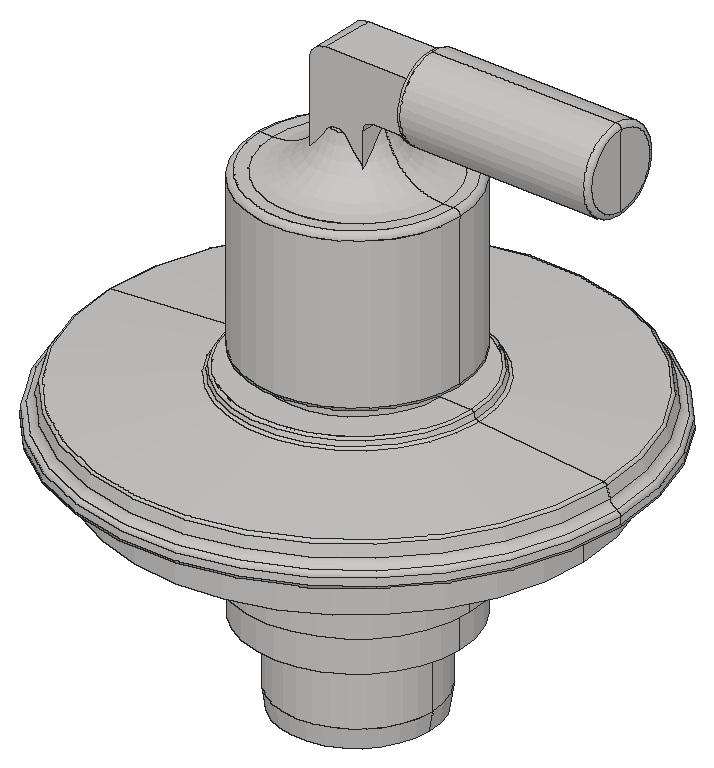
Revit family "fgt11848_bim", category Plumbing Fixtures, host Face, Revit 2014
Parameters (values of type "Standard")
  Width = 4 65/128"  # constant formula
  Vent Connection = no
  URL = ""
  Manufacturer = ""
  Faucet Material = Metal - Delta - Stainless-Steel
  Model = "fgt11848"  # constant formula
  Height = 3 7/16"  # constant formula
  Description = "Faucet"  # constant formula
  Depth = 4 33/64"  # constant formula
  Default Elevation = 0"
Reference planes (in)
  plane 1 "Center (Front/Back)": y = 0
  plane 2: z = 0
  plane 3 "Center (Left/Right)": x = 0
  plane 4: y = 2.25781
  plane 5: y = -2.25781
  plane 6: x = 10.125
  plane 7: x = -2.25391
  plane 8: x = 2.25391
  plane 9: z = 3.4375
Forms (in)
  Revolve 1, solid, material "Metal - Delta - Stainless-Steel" <- "Faucet Material"
    sketch origin (0, 0, 0) x (1, 0, 0) y (0, 0, 1)
      loop
        line (-1.93156, 0) -> (-1.75, 0) -> (-1.75, 0.59874) -> (0, 0.59874) -> (0, 2.74495) -> (-0.19968, 2.74495)
        arc (-0.19968, 2.74495) -> (-0.22407, 2.73609) -> (-0.23708, 2.71363) r 0.03799
        arc (-0.23708, 2.71363) -> (-0.40686, 2.42046) -> (-0.72526, 2.30473) r 0.49588
        line (-0.72526, 2.30473) -> (-0.82431, 2.30473)
        arc (-0.82431, 2.30473) -> (-0.85985, 2.29) -> (-0.87458, 2.25446) r 0.05026
        line (-0.87458, 2.25446) -> (-0.87458, 0.98268)
        arc (-0.87458, 0.98268) -> (-0.86647, 0.96311) -> (-0.8469, 0.955) r 0.02768
        line (-0.8469, 0.955) -> (-0.69886, 0.955) -> (-0.69886, 0.82) -> (-0.97001, 0.82)
        arc (-0.97001, 0.82) -> (-0.98488, 0.81538) -> (-0.99451, 0.80316) r 0.02625
        line (-0.99451, 0.80316) -> (-1.00849, 0.76674)
        arc (-1.00849, 0.76674) -> (-1.01821, 0.7541) -> (-1.03326, 0.74882) r 0.02797
        arc (-1.03326, 0.74882) -> (-1.565, 0.71472) -> (-2.0954, 0.66385) r 16.88153
        arc (-2.0954, 0.66385) -> (-2.11034, 0.65742) -> (-2.11918, 0.64376) r 0.02797
        line (-2.11918, 0.64376) -> (-2.1455, 0.55196)
        arc (-2.1455, 0.55196) -> (-2.16789, 0.51421) -> (-2.2059, 0.49228) r 0.08663
        arc (-2.2059, 0.49228) -> (-2.22925, 0.47728) -> (-2.23984, 0.45162) r 0.04635
        line (-2.23984, 0.45162) -> (-2.24506, 0.3919)
        arc (-2.24506, 0.3919) -> (-2.23985, 0.37653) -> (-2.225, 0.37) r 0.02014
        line (-2.225, 0.37) -> (-1.93156, 0.37) -> (-1.93156, 0)
      loop
        line (-0.52971, 0.53276) -> (-0.52971, -0.06141) -> (-0.49688, -0.10829) -> (-0.49688, -0.168) -> (-0.55699, -0.168) -> (-0.61838, -0.22939) -> (-0.61838, -0.39192)
        arc (-0.61838, -0.39192) -> (-0.64945, -0.46693) -> (-0.72447, -0.498) r 0.10608
        line (-0.72447, -0.498) -> (-0.95971, -0.498) -> (-0.95971, -0.728) -> (-0.87289, -0.728) -> (-0.87289, -1.04614) -> (-0.63965, -1.04614) -> (-0.63965, -1.596) -> (-0.61838, -1.755) -> (-0.45729, -1.755) -> (-0.45729, 0.53276) -> (-0.52971, 0.53276)
      axis (0, 2.74495) -> (0, -1.755)
    angle from 0 to 360
  Revolve 2, solid, material "Metal - Delta - Stainless-Steel" <- "Faucet Material"
    sketch origin (0, 0, 0) x (1, 0, 0) y (0, 0, 1)
      loop
        line (-0.56102, -1.91152) -> (-0.52123, -1.926) -> (-0.44527, -1.926) -> (-0.44527, -1.755) -> (-0.56102, -1.755) -> (-0.56102, -1.91152)
      axis (-0.44527, -1.755) -> (-0.44527, -1.926)
    angle from 0 to 360
  Extrusion 3, solid, material "Metal - Delta - Stainless-Steel" <- "Faucet Material"
    sketch origin (0, 0, 0) x (1, 0, 0) y (0, 0, 1)
      loop
        line (0.64235, 3.31295) -> (-0.08302, 3.31295)
        arc (-0.08302, 3.31295) -> (-0.18321, 3.27145) -> (-0.22471, 3.17126) r 0.14169
        line (-0.22471, 3.17126) -> (-0.22471, 2.4948) -> (0.23252, 2.4948) -> (0.23252, 2.79004)
        arc (0.23252, 2.79004) -> (0.25388, 2.8416) -> (0.30543, 2.86295) r 0.07291
        line (0.30543, 2.86295) -> (0.64235, 2.86295) -> (0.64235, 3.31295)
    from -0.22187 to 0.22813
  Revolve 4, solid, material "Metal - Delta - Stainless-Steel" <- "Faucet Material"
    sketch origin (0, 0, 0) x (1, 0, 0) y (0, 0, 1)
      loop
        arc (0.64366, 3.4375) -> (0.61512, 3.42568) -> (0.60329, 3.39713) r 0.04037
        line (0.60329, 3.39713) -> (0.60329, 3.08795) -> (2.24329, 3.08795) -> (2.24329, 3.3974)
        arc (2.24329, 3.3974) -> (2.23155, 3.42576) -> (2.20319, 3.4375) r 0.0401
        line (2.20319, 3.4375) -> (0.64366, 3.4375)
      axis (0.60329, 3.08795) -> (2.24329, 3.08795)
    angle from 0 to 360
Dimensions and locks (in)
  equal spacing: plane 4, plane 1 "Center (Front/Back)", plane 5
  "Depth": plane 4 to plane 5
  equal spacing: plane 7, plane 3 "Center (Left/Right)", plane 8
  "Width": plane 7 to plane 8
  "Height": plane 9 to plane 2
  aligned and locked: plane 2 to host face
  aligned and locked: level to host face
Automatic sketch dimensions
  host sketch curve to host sketch curve = 96"  (x2)
  Revolve 2 sketch curve to plane 3 "Center (Left/Right)" = 0.56102"
  Revolve 2 sketch curve to Revolve 2 sketch curve = 0.0398"
  Revolve 2 sketch curve to Revolve 2 sketch curve = 0.11575"
  Revolve 2 sketch curve to level = 1.926"
  Revolve 2 sketch curve to Revolve 2 sketch curve = 0.01448"
  Revolve 2 sketch curve to Revolve 2 sketch curve = 0.15652"
  Revolve 2 sketch curve to Revolve 2 sketch curve = 0"
  Revolve 2 sketch curve to Revolve 2 sketch curve = 0.04574"
  Revolve 2 sketch curve to Revolve 2 sketch curve = 0.03976"
  Extrusion 3 sketch curve to plane 3 "Center (Left/Right)" = 0.22471"
  Extrusion 3 sketch curve to plane 3 "Center (Left/Right)" = 0.08302"
  plane 3 "Center (Left/Right)" to Extrusion 3 sketch curve = 0.23252"
  Extrusion 3 sketch curve to Extrusion 3 sketch curve = 0.07291"
  Extrusion 3 sketch curve to Extrusion 3 sketch curve = 0.33692"
  Extrusion 3 sketch curve to plane 9 = 0.9427"
  Extrusion 3 sketch curve to Extrusion 3 sketch curve = 0.29525"
  Extrusion 3 sketch curve to plane 9 = 0.26624"
  Revolve 4 sketch curve to plane 9 = 0"
  Revolve 4 sketch curve to plane 9 = 0.04037"
  plane 3 "Center (Left/Right)" to Revolve 4 sketch curve = 0.60329"
  Revolve 4 sketch curve to plane 8 = 0.05071"
  Revolve 4 sketch curve to plane 8 = 0.01061"
  Revolve 4 sketch curve to Revolve 4 sketch curve = 0.30945"
  Revolve 4 sketch curve to plane 9 = 0.34955"  (x2)
  Revolve 4 sketch curve to Revolve 4 sketch curve = 0.36771"
  Revolve 4 sketch curve to Revolve 4 sketch curve = 0.14993"
  Revolve 1 sketch curve to level = 0"
  Revolve 1 sketch curve to plane 3 "Center (Left/Right)" = 0"  (x2)
  Revolve 1 sketch curve to plane 3 "Center (Left/Right)" = 0.19968"
  Revolve 1 sketch curve to plane 3 "Center (Left/Right)" = 7/32"
  Revolve 1 sketch curve to plane 3 "Center (Left/Right)" = 0.45729"
  Revolve 1 sketch curve to level = 0.10829"
  Revolve 1 sketch curve to plane 3 "Center (Left/Right)" = 0.49688"
  Revolve 1 sketch curve to level = 0.06141"
  Revolve 1 sketch curve to Revolve 1 sketch curve = 0.03283"
  Revolve 1 sketch curve to level = 0.168"
  Revolve 1 sketch curve to Revolve 1 sketch curve = 0.06012"
  Revolve 1 sketch curve to Revolve 1 sketch curve = 0.1611"
  Revolve 1 sketch curve to Revolve 1 sketch curve = 0.06139"  (x2)
  Revolve 1 sketch curve to plane 3 "Center (Left/Right)" = 0.63965"
  Revolve 1 sketch curve to Revolve 1 sketch curve = 0.16916"
  Revolve 1 sketch curve to Revolve 1 sketch curve = 0.10608"
  Revolve 1 sketch curve to Revolve 1 sketch curve = 0.52559"
  Revolve 1 sketch curve to Revolve 1 sketch curve = 0.09905"
  Revolve 1 sketch curve to Revolve 1 sketch curve = 0.14803"
  Revolve 1 sketch curve to Revolve 1 sketch curve = 0.23324"
  Revolve 1 sketch curve to Revolve 1 sketch curve = 0.05026"
  Revolve 1 sketch curve to Revolve 1 sketch curve = 0.08682"
  Revolve 1 sketch curve to Revolve 1 sketch curve = 0.12311"
  level to Revolve 1 sketch curve = 0.80316"
  Revolve 1 sketch curve to Revolve 1 sketch curve = 0.0245"
  Revolve 1 sketch curve to Revolve 1 sketch curve = 0.01398"
  Revolve 1 sketch curve to Revolve 1 sketch curve = 0.02612"
  plane 7 to Revolve 1 sketch curve = 129/256"
  Revolve 1 sketch curve to Revolve 1 sketch curve = 0.18156"
  plane 7 to Revolve 1 sketch curve = 0.16162"
  Revolve 1 sketch curve to Revolve 1 sketch curve = 0.02689"
  Revolve 1 sketch curve to Revolve 1 sketch curve = 0.02632"
  plane 7 to Revolve 1 sketch curve = 0.06024"
  plane 7 to Revolve 1 sketch curve = 0.02891"
  plane 7 to Revolve 1 sketch curve = 0.02514"
  plane 7 to Revolve 1 sketch curve = 0.01407"
  plane 7 to Revolve 1 sketch curve = 0.00884"
  Revolve 1 sketch curve to Revolve 1 sketch curve = 0.16253"
  Revolve 1 sketch curve to Revolve 1 sketch curve = 0.23"
  Revolve 1 sketch curve to Revolve 1 sketch curve = 0.31814"
  Revolve 1 sketch curve to Revolve 1 sketch curve = 0.54986"
  Revolve 1 sketch curve to Revolve 1 sketch curve = 0.159"
  Revolve 1 sketch curve to Revolve 1 sketch curve = 14.35805"
  Revolve 1 sketch curve to Revolve 1 sketch curve = 0.37"
  Revolve 1 sketch curve to Revolve 1 sketch curve = 0.02014"
  Revolve 1 sketch curve to Revolve 1 sketch curve = 0.05744"
  Revolve 1 sketch curve to Revolve 1 sketch curve = 0.00404"
  level to Revolve 1 sketch curve = 0.53276"
  Revolve 1 sketch curve to Revolve 1 sketch curve = 0.10438"
  Revolve 1 sketch curve to Revolve 1 sketch curve = 0.02388"
  Revolve 1 sketch curve to Revolve 1 sketch curve = 0.22874"
  Revolve 1 sketch curve to Revolve 1 sketch curve = 0.08409"
  Revolve 1 sketch curve to Revolve 1 sketch curve = 0.00771"
  Revolve 1 sketch curve to Revolve 1 sketch curve = 0.03642"
  Revolve 1 sketch curve to Revolve 1 sketch curve = 0.01003"
  Revolve 1 sketch curve to Revolve 1 sketch curve = 0.00941"
  Revolve 1 sketch curve to Revolve 1 sketch curve = 0.135"
  Revolve 1 sketch curve to plane 9 = 1.18304"
  Revolve 1 sketch curve to Revolve 1 sketch curve = 0.40224"
  Revolve 1 sketch curve to Revolve 1 sketch curve = 0.03799"
  Revolve 1 sketch curve to Revolve 1 sketch curve = 0.49588"
  Revolve 1 sketch curve to Revolve 1 sketch curve = 0"
  Revolve 1 sketch curve to Revolve 1 sketch curve = 0.45946"
  Revolve 1 sketch curve to Revolve 1 sketch curve = 0.61267"
